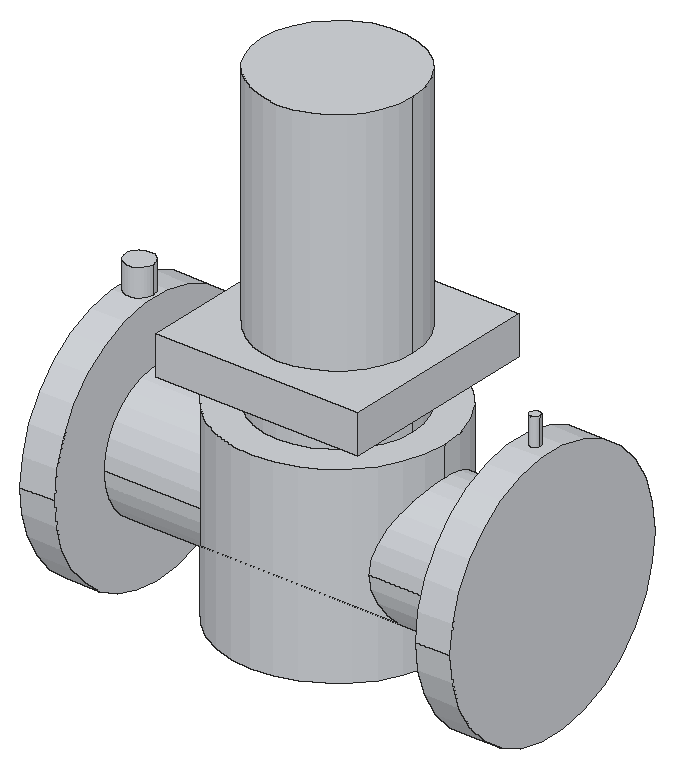
Revit family "PV_Compact_PN25_DN150_(20-100kPa)_RFA_2018", category Pipe Accessories, Revit 2018
Family settings
  Round Connector Dimension = Use Diameter
  Part Type = Valve - Breaks Into
  Work Plane-Based = No
  Always vertical = Yes
  Cut with Voids When Loaded = No
  Shared = No
Parameters (values of type "PV Compact PN25 DN150 (20-100kPa)")
  magiProductId = "9089b5560db447c5b770287446c8b2"
  magiProductFamilyId = "7c5767a2a396495b8f1e69654734b4"
  magiPartTypeId = 304
  isMeasuringValve [instance] = no
  ang2D [instance] = 0.00°
  W2D = 50 mm
  VersionID = "2.0/2018.12.13.2/FRESE_PV_COMPACT_BIG_Q13_001"
  Use Minimum Symbol Size [instance] = no
  URL = "www.hydronic.cz"
  Type Comments = "PŘÍRUBOVÝ; PN25; dpmax=1000kPa; -10~+110°C"
  R4 = 84 mm
  R3 = 74.1 mm
  R1 = 120 mm
  QmdConnectorList = "301;D;302;D"
  Productdata [instance] = ""
  Manufacturer = "Hydronic Systems Prague s.r.o."
  Maintenance Zone Under Depth [instance] = 100 mm
  Maintenance Zone Right Depth [instance] = 100 mm
  Maintenance Zone Over Depth [instance] = 100 mm
  Maintenance Zone Left Depth [instance] = 100 mm
  Maintenance Zone Front Depth [instance] = 100 mm
  Maintenance Zone Back Depth [instance] = 100 mm
  Maintenance Zone Front Visibility [instance] = no
  MC Use Limits From Balancing Method = no
  MC Throttling Minimum Value = 0
  MC Throttling Maximum Value = 0
  MC Product Code = "53-3335 DN150 PN25; nastavitelný rozsah dp=20~100kPa; Q=28,0~112 m3/h;  kvs=250"
  MC Pressure Drop Minimum Value = 0.0 Pa
  MC Pressure Drop Maximum Value = 0.0 Pa
  MC Piping Given Pressure Drop [instance] = 0.0 Pa
  LF__ve = -LF  # -38.4 mm
  LF2 = 19.2 mm
  LF = 38.4 mm
  L4 = 225.6 mm
  L3 = 403.2 mm
  L2D_Min = 30.48 mm
  L2D = 230 mm
  L2 = 240 mm
  H6 = 256.25 mm
  H4 = 42.75 mm
  H3 = 35.625 mm
  H2 = 106.875 mm
  H1 = 213.75 mm
  Description = "Nastavitelný regulátor tlakové diference"
  DF2 = 142.5 mm
  D = 150 mm
  Clearance Zone Height Depth [instance] = 100 mm
  Clearance Zone Circular Radius [instance] = 240 mm
  Clearance Zone Visibility [instance] = no
  CAT0 = yes
Types (7, lengths in mm): name | magiProductId | Type Comments | R4 | R3 | R1 | MC Product Code | LF__ve | LF2 | LF | L4 | L3 | L2 | H6 | H4 | H3 | H2 | H1 | DF2 | D | Clearance Zone Circular Radius
  PV Compact PN25 DN050 (20-100kPa) | "c83fbc6219d94d148ccf13b963e54b" | "PŘÍRUBOVÝ; PN25; dpmax=1000kPa; -10~+120°C" | 40.25 | 42.9 | 57.5 | "53-3320 DN050 PN25; nastavitelný rozsah dp=20~100kPa; Q=3,2~13,0 m3/h;  kvs=29" | -18.4 | 9.2 | 18.4 | 108.1 | 193.2 | 115 | 82.25 | 24.75 | 20.625 | 61.875 | 123.75 | 82.5 | 50 | 115
  PV Compact PN25 DN065 (20-100kPa) | "130d70b5f9404660882d0b277b908a" | "PŘÍRUBOVÝ; PN25; dpmax=1000kPa; -10~+120°C" | 50.75 | 48.1 | 72.5 | "53-3323 DN065 PN25; nastavitelný rozsah dp=20~100kPa; Q=4,7~18,8 m3/h;  kvs=42" | -23.2 | 11.6 | 23.2 | 136.3 | 243.6 | 145 | 105.25 | 27.75 | 23.125 | 69.375 | 138.75 | 92.5 | 65 | 145
  PV Compact PN25 DN080 (20-100kPa) | "a1826ed98cb744f2bf0249353d27a7" | "PŘÍRUBOVÝ; PN25; dpmax=1000kPa; -10~+120°C" | 54.25 | 52 | 77.5 | "53-3326 DN080 PN25; nastavitelný rozsah dp=20~100kPa; Q=7,5~30,0 m3/h;  kvs=67" | -24.8 | 12.4 | 24.8 | 145.7 | 260.4 | 155 | 141 | 30 | 25 | 75 | 150 | 100 | 80 | 155
  PV Compact PN25 DN100 (20-100kPa) | "7cf36ffc9d0642d6874cd3d421d477" | "PŘÍRUBOVÝ; PN25; dpmax=1000kPa; -10~+120°C" | 61.25 | 61.1 | 87.5 | "53-3329 DN100 PN25; nastavitelný rozsah dp=20~100kPa; Q=12,9~51,4 m3/h;  kvs=115" | -28 | 14 | 28 | 164.5 | 294 | 175 | 234.75 | 35.25 | 29.375 | 88.125 | 176.25 | 117.5 | 100 | 175
  PV Compact PN25 DN125 (20-100kPa) | "79fb1938054147a099bb761cc75d0a" | "PŘÍRUBOVÝ; PN25; dpmax=1000kPa; -10~+120°C" | 70 | 70.2 | 100 | "53-3332 DN125 PN25; nastavitelný rozsah dp=20~100kPa; Q=19,0~76,0 m3/h;  kvs=170" | -32 | 16 | 32 | 188 | 336 | 200 | 225.5 | 40.5 | 33.75 | 101.25 | 202.5 | 135 | 125 | 200
  PV Compact PN25 DN150 (20-100kPa) | "9089b5560db447c5b770287446c8b2" | "PŘÍRUBOVÝ; PN25; dpmax=1000kPa; -10~+110°C" | 84 | 74.1 | 120 | "53-3335 DN150 PN25; nastavitelný rozsah dp=20~100kPa; Q=28,0~112 m3/h;  kvs=250" | -38.4 | 19.2 | 38.4 | 225.6 | 403.2 | 240 | 256.25 | 42.75 | 35.625 | 106.875 | 213.75 | 142.5 | 150 | 240
  PV Compact PN25 DN200 (20-100kPa) | "21d4a96559b243fabb2a9fe74f4fa1" | "PŘÍRUBOVÝ; PN25; dpmax=1000kPa; -10~+110°C" | 105 | 98.8 | 150 | "53-3338 DN200 PN25; nastavitelný rozsah dp=20~100kPa; Q=30,7~123 m3/h;  kvs=275" | -48 | 24 | 48 | 282 | 504 | 300 | 150 | 57 | 47.5 | 142.5 | 285 | 190 | 200 | 300
Reference planes
  plane 1 "Center (Front/Back)": y = 0
  plane 2 "XYPLANE": z = 0
  plane 3 "Center (Left/Right)": x = 0
  plane 4 "257": y = -142.5
  plane 5 "256": y = 142.5
  plane 6 "255": z = -142.5
  plane 7 "254": y = -242.5
  plane 8 "253": y = 242.5
  plane 9 "252": x = -340
  plane 10 "251": x = 340
  plane 11 "250": z = 541.5
  plane 12 "249": z = -242.5
  plane 13 "248": z = 541.5
  plane 14 "247": z = 441.5
  plane 15 "157": x = 220.8
  plane 16 "156": x = -220.8
  plane 17 "155": z = 142.5
  plane 18 "154": z = 185.25
  plane 19 "153": z = 142.5
  plane 20 "152": z = 106.875
  plane 21 "151": x = -201.6
  plane 22 "150": z = -106.875
  plane 23 "149": x = 0
  plane 24 "148": y = 0
  plane 25 "147": z = 0
  plane 26 "146": x = -240
  plane 27 "145": x = 240
Forms (mm)
  Blend 1, solid, visible <- "Maintenance Zone Front Visibility"
    base sketch origin (-750, 0, -242.5) x (1, 0, 0) y (0, 1, 0)
      loop
        line (410, 242.5) -> (410, -242.5) -> (1090, -242.5) -> (1090, 242.5) -> (410, 242.5)
    top sketch origin (-750, 0, -242.5) x (1, 0, 0) y (0, 1, 0)
      loop
        line (410, 242.5) -> (410, -242.5) -> (1090, -242.5) -> (1090, 242.5) -> (410, 242.5)
    from 0 to 784
  Blend 2, solid, visible <- "Clearance Zone Visibility"
    base sketch origin (-750, 0, 0) x (1, 0, 0) y (0, 1, 0)
      loop
        circle (750, 0) r 240
    top sketch origin (-750, 0, 0) x (1, 0, 0) y (0, 1, 0)
      loop
        circle (750, 0) r 240
    from 0 to 541.5
  Extrusion 3, solid, visible <- "CAT0"
    sketch origin (-750, 0, 142.5) x (1, 0, 0) y (0, 1, 0)
      loop
        circle (970.8, 0) r 5.5
    from 0 to 30
  Extrusion 4, solid, visible <- "CAT0"
    sketch origin (-750, 0, 142.5) x (1, 0, 0) y (0, 1, 0)
      loop
        circle (529.2, 0) r 15.5
    from 0 to 30
  Extrusion 5, solid
    sketch origin (-750, 0, 185.25) x (1, 0, 0) y (0, 1, 0)
      loop
        circle (750, 0) r 84
    from 0 to 256.25 <- "H6"
  Extrusion 6, solid, visible <- "CAT0"
    sketch origin (-750, 0, 142.5) x (1, 0, 0) y (0, 1, 0)
      loop
        line (862.8, 112.8) -> (637.2, 112.8) -> (637.2, -112.8) -> (862.8, -112.8) -> (862.8, 112.8)
    from 0 to 42.75 <- "H4"
  Extrusion 7, solid, visible <- "CAT0"
    sketch origin (-750, 0, 106.875) x (1, 0, 0) y (0, 1, 0)
      loop
        circle (750, 0) r 84
    from 0 to 35.625 <- "H3"
  Extrusion 8, solid, visible <- "CAT0"
    sketch origin (-201.6, -750, 0) x (0, 1, 0) y (0, 0, 1)
      loop
        circle (750, 0) r 74.1
    from 0 to 403.2 <- "L3"
  Extrusion 9, solid, visible <- "CAT0"
    sketch origin (-750, 0, -106.875) x (1, 0, 0) y (0, 1, 0)
      loop
        circle (750, 0) r 120
    from 0 to 213.75 <- "H1"
  Extrusion 10, solid, visible <- "CAT0"
    sketch origin (-240, -750, 0) x (0, 1, 0) y (0, 0, 1)
      loop
        circle (750, 0) r 142.5
    from 0 to 38.4 <- "LF"
  Extrusion 11, solid, visible <- "CAT0"
    sketch origin (240, -750, 0) x (0, 1, 0) y (0, 0, 1)
      loop
        circle (750, 0) r 142.5
    from 0 to -38.4 <- "LF__ve"
  Extrusion 12, solid, not visible
    sketch origin (-240, -750, 0) x (0, 1, 0) y (0, 0, 1)
      loop
        circle (750, 0) r 10
    from 0 to 10
  Extrusion 13, solid, not visible
    sketch origin (240, -750, 0) x (0, 1, 0) y (0, 0, 1)
      loop
        circle (750, 0) r 10
    from 0 to -10
Lines and regions (mm)
  reference lines, not visible
    curve 1: circle (2, 2, 0) r 1 normal (0, 0, 1)
  reference lines
    curve 2: circle (0, 0, 142.5) r 1 normal (0, 0, 1)
Dimensions and locks
  plane 1 "Center (Front/Back)" to curve 1 = 2 mm
  "DF2": plane 24 "148" to plane 4 "257"
  "DF2": plane 24 "148" to plane 5 "256"
  "DF2": plane 25 "147" to plane 6 "255"
  "Maintenance Zone Front Depth": plane 4 "257" to plane 7 "254"
  "Maintenance Zone Back Depth": plane 5 "256" to plane 8 "253"
  "Maintenance Zone Left Depth": plane 26 "146" to plane 9 "252"
  "Maintenance Zone Right Depth": plane 27 "145" to plane 10 "251"
  "Maintenance Zone Over Depth": plane 14 "247" to plane 11 "250"
  "Maintenance Zone Under Depth": plane 6 "255" to plane 12 "249"
  "Clearance Zone Height Depth": plane 14 "247" to plane 13 "248"
  "H6": plane 18 "154" to plane 14 "247"
  "LF2": plane 27 "145" to plane 15 "157"
  "LF2": plane 26 "146" to plane 16 "156"
  "DF2": plane 2 "XYPLANE" to plane 17 "155"
  "H4": plane 19 "153" to plane 18 "154"
  "H3": plane 20 "152" to plane 19 "153"
  "H1": plane 22 "150" to plane 20 "152"
  "LF": plane 26 "146" to plane 21 "151"
  "H2": plane 2 "XYPLANE" to plane 22 "150"
  locked: plane 3 "Center (Left/Right)" to plane 23 "149"
  locked: plane 1 "Center (Front/Back)" to plane 24 "148"
  locked: plane 2 "XYPLANE" to plane 25 "147"
  "L2": plane 3 "Center (Left/Right)" to plane 26 "146"
  "L2": plane 3 "Center (Left/Right)" to plane 27 "145"
  Blend 1 sketch curve to Blend 1 sketch curve = 0 mm  (x16)
  equal spacing: Extrusion 6 sketch curve, curve 2, Extrusion 6 sketch curve  (x2)
  "L4": Extrusion 6 sketch curve to Extrusion 6 sketch curve  (x2)
  Extrusion 6 sketch curve to Extrusion 6 sketch curve = 0 mm  (x8)
  "Clearance Zone Circular Radius": radius of Blend 2 sketch curve  (x2)
  "R4": radius of Extrusion 5 sketch curve
  "R4": radius of Extrusion 7 sketch curve
  "R3": radius of Extrusion 8 sketch curve
  "R1": radius of Extrusion 9 sketch curve
  "DF2": radius of Extrusion 10 sketch curve
  "DF2": radius of Extrusion 11 sketch curve
  aligned and locked: level to plane 2 "XYPLANE"
  aligned and locked: Blend 1 sketch curve to plane 8 "253"  (x2)
  aligned and locked: plane 9 "252" to Blend 1 sketch curve  (x4)
  aligned and locked: plane 10 "251" to Blend 1 sketch curve  (x4)
  aligned and locked: plane 8 "253" to Blend 1 sketch curve  (x2)
  aligned and locked: plane 7 "254" to Blend 1 sketch curve  (x4)
  aligned and locked: plane 11 "250" to Blend 1
  aligned and locked: plane 23 "149" to Blend 2 sketch curve  (x2)
  aligned and locked: plane 24 "148" to Blend 2 sketch curve  (x2)
  aligned and locked: plane 13 "248" to Blend 2
  aligned and locked: plane 15 "157" to Extrusion 3 sketch curve
  aligned and locked: plane 24 "148" to Extrusion 3 sketch curve
  aligned and locked: plane 16 "156" to Extrusion 4 sketch curve
  aligned and locked: plane 24 "148" to Extrusion 4 sketch curve
  aligned and locked: plane 23 "149" to Extrusion 5 sketch curve
  aligned and locked: plane 24 "148" to Extrusion 5 sketch curve
  aligned and locked: plane 23 "149" to curve 2
  aligned and locked: plane 24 "148" to curve 2
  aligned and locked: plane 23 "149" to Extrusion 7 sketch curve
  aligned and locked: plane 24 "148" to Extrusion 7 sketch curve
  aligned and locked: Extrusion 8 sketch curve to plane 24 "148"
  aligned and locked: plane 25 "147" to Extrusion 8 sketch curve
  aligned and locked: plane 23 "149" to Extrusion 9 sketch curve
  aligned and locked: plane 24 "148" to Extrusion 9 sketch curve
  aligned and locked: Extrusion 10 sketch curve to plane 24 "148"
  aligned and locked: plane 25 "147" to Extrusion 10 sketch curve
  aligned and locked: Extrusion 11 sketch curve to plane 24 "148"
  aligned and locked: plane 25 "147" to Extrusion 11 sketch curve
  aligned and locked: Extrusion 12 sketch curve to plane 24 "148"
  aligned and locked: plane 25 "147" to Extrusion 12 sketch curve
  aligned and locked: Extrusion 13 sketch curve to plane 24 "148"
  aligned and locked: plane 25 "147" to Extrusion 13 sketch curve
Automatic sketch dimensions
  Extrusion 3 sketch curve to plane 15 "157" = 5.5 mm
  plane 26 "146" to Extrusion 4 sketch curve = 3.7 mm
  plane 1 "Center (Front/Back)" to Extrusion 12 sketch curve = 10 mm
  plane 1 "Center (Front/Back)" to Extrusion 13 sketch curve = 10 mm
  plane 3 "Center (Left/Right)" to curve 1 = 2 mm
  plane 21 "151" to Extrusion 6 sketch curve = 88.8 mm
  plane 4 "257" to Extrusion 6 sketch curve = 29.7 mm
  radius of curve 2 = 1 mm
  radius of curve 1 = 1 mm
Connectors
  piping at (-240, 0, 0), diameter 150, driven by "D"
    settings: on Extrusion 12, index 1, connector inside diameter 609.6 mm, connector length 0 mm, flow factor 0, pipe flow 0.0 L/s, pressure drop 0.0 Pa, fitting loss kfactor 0, connector angle 0.00°, fixture units 0, engagement length 0 mm, angle of deflection 0.00°, flow configuration 0, flow direction 0, fitting loss method 0, system type 29, joint type 0, gender type 0, connector reference index 2, connector utility 0, adjustable connector no, is connector primary yes, connector description ""
  piping at (240, 0, 0), diameter 150, driven by "D"
    settings: on Extrusion 13, index 2, connector inside diameter 609.6 mm, connector length 0 mm, flow factor 0, pipe flow 0.0 L/s, pressure drop 0.0 Pa, fitting loss kfactor 0, connector angle 0.00°, fixture units 0, engagement length 0 mm, angle of deflection 0.00°, flow configuration 0, flow direction 0, fitting loss method 0, system type 29, joint type 0, gender type 0, connector reference index 1, connector utility 0, adjustable connector no, is connector primary no, connector description ""
